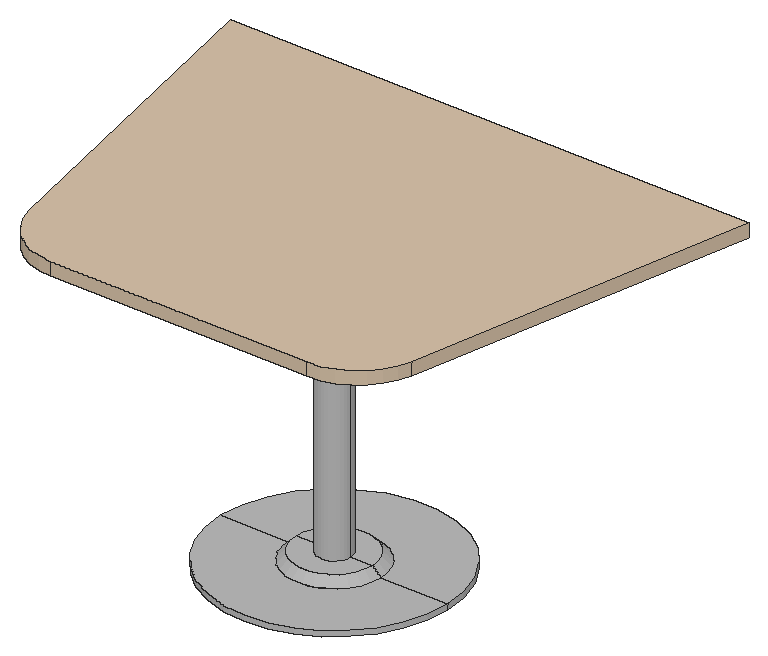
Revit family "Haworth_Compose_Worksurface_Key", category Furniture Systems, Revit 2018
Family settings
  Round Connector Dimension = Use Diameter
  Part Type = Normal
  OmniClass Number = 23.40.70.14.64.21
  OmniClass Title = Systems Furniture
  Work Plane-Based = No
  Always vertical = Yes
  Cut with Voids When Loaded = No
  Shared = No
  Room Calculation Point = No
Parameters (values of type "48w 36d")
  Worksurface Finish = Haworth _ Laminate _ Maple H-AE
  Worksurface Edge Finish = Haworth _ Laminate _ Maple H-AE
  Width = 48"
  Warranty = "http://www.haworth.com/resources/product-info/warranties"
  URL - Product = "http://www.haworth.com/products/workspaces/panel-based/compose"
  URL = "www.haworth.com"
  Sustainability Info = "http://media.haworth.com/asset/2999/Compose%20PEDS.pdf"
  Support Finish = Haworth _ Paint _ Metallic Champagne
  Support Column = no
  Model = "WURY"  # constant formula
  Min. Height = 22"  # constant formula
  Max. Height = 42"  # constant formula
  Leg Height = Actual Height - Table Thickness  # 27 13/16"
  Disc Base Support = yes
  Disc Base Radius = if(Actual Depth > 36", 13 1/2", 10 1/2")  # 10 1/2"
  Description = "Haworth Worksurface - Compose Key"  # constant formula
  Depth = 36"
  Size = "Verify Final Dim. w/ Haworth"  # constant formula
  Revision Number = "5"  # constant formula
  Min/Max Width = if(Actual Depth = 30", "36, 48 in.", if(Actual Depth = 36", "48, 60, 72 in.", "60, 72 in."))  # "48, 60, 72 in."
  Min/Max Depth = "30, 36, 42, 48 in."  # constant formula
  Min. Width = 36"  # constant formula
  Max. Width = 72"  # constant formula
  Min. Depth = 30"  # constant formula
  Max. Depth = 48"  # constant formula
  Manufacturer = "Haworth"  # constant formula
  Height = 29"
  Flip-top Location = 4"  # constant formula
  Custom Size = not(and(and(not(Height > 32"), not(Height < 26")), or(Width = 36", Width = 48", Width = 60", Width = 72"), or(Depth = 30", Depth = 36", Depth = 42", Depth = 48")))  # no
  Author = "SHAPE Environments, LLC"  # constant formula
  Assembly Code = "E2020200"
  Actual Width = if(Width > Max. Width, Max. Width, if(Width < Min. Width, Min. Width, if(Width < Depth, Depth, Width)))  # 48"
  Actual Height = if(Height > Max. Height, Max. Height, if(Height < Min. Height, Min. Height, Height))  # 29"
  Actual Depth = if(Depth > Max. Depth, Max. Depth, if(Depth < Min. Depth, Min. Depth, Depth))  # 36"
  Min/Max Height = "26-32 in."  # constant formula
  Table Thickness = 1 3/16"  # constant formula
Reference planes (in)
  plane 1 "Center F/B": y = 5.5
  plane 2: z = 0
  plane 3 "Center L/R": x = 0
  plane 4 "Table Bottom": z = 27.8125
  plane 5 "Table Top": z = 29
  plane 6 "Flip Top Location": y = 19.5
  plane 7 "Back": y = 23.5
  plane 8 "Right": x = 24
  plane 9 "Left": x = -24
  plane 10 "Front": y = -12.5
Lines and regions (in)
  Masking region 1
    outline origin (0, 0, 0) x (1, 0, 0) y (0, 1, 0)
      loop
        line (24, 23.5) -> (-24, 23.5) -> (-17.76466, -7.6767)
        arc (-17.76466, -7.6767) -> (-15.68511, -11.14005) -> (-11.88118, -12.5) r 6
        line (-11.88118, -12.5) -> (11.88118, -12.5)
        arc (11.88118, -12.5) -> (15.68511, -11.14005) -> (17.76466, -7.6767) r 6
        line (17.76466, -7.6767) -> (24, 23.5)
  symbolic lines, style "Haworth Hidden", visible <- "Disc Base Support", detail levels fine
    curve 1: circle (0, 5.5, 0) r 10.44248 normal (0, 0, 1)
    curve 2: circle (0, 5.5, 0) r 1.5 normal (0, 0, 1)
  symbolic lines, style "Haworth Hidden", visible <- "Support Column", detail levels fine
    curve 3: circle (0, 5.5, 0) r 1.5 normal (0, 0, 1)
Dimensions and locks (in)
  "Table Thickness": plane 5 "Table Top" to plane 4 "Table Bottom"
  "Actual Height": plane 5 "Table Top" to plane 2
  "Flip-top Location": plane 6 "Flip Top Location" to plane 7 "Back"
  equal spacing: plane 10 "Front", plane 1 "Center F/B", plane 7 "Back"
  "Actual Depth": plane 7 "Back" to plane 10 "Front"
  equal spacing: plane 9 "Left", plane 3 "Center L/R", plane 8 "Right"
  "Actual Width": plane 9 "Left" to plane 8 "Right"
  aligned and locked: plane 1 "Center F/B" to nested 1
  aligned and locked: plane 5 "Table Top" to nested 1
  aligned and locked: nested 1 to plane 4 "Table Bottom"
  aligned and locked: plane 1 "Center F/B" to nested 2
  aligned and locked: plane 3 "Center L/R" to nested 2
  aligned and locked: Masking region 1 sketch curve to nested 1  (x4)
Automatic sketch dimensions
  plane 10 "Front" to Masking region 1 sketch curve = 4.8233"  (x2)
  Masking region 1 sketch curve to plane 8 "Right" = 0"
  curve 1 to curve 2 = 0"  (x2)
  curve 1 to curve 3 = 0"  (x2)
  curve 2 to curve 3 = 0"  (x2)
  plane 1 "Center F/B" to curve 2 = 0"
  curve 2 to plane 3 "Center L/R" = 0"
  radius of curve 1 = 10.44248"
  radius of curve 2 = 1 1/2"
  radius of curve 3 = 1 1/2"
Nested families (in)
  nested 1: "Haworth_Worksurface-Key" at (0, 5.5, 0), type "Table"
    with Table Top Thickness 1 3/16", Actual Height 29"
  nested 2: "Haworth_Worksurface-Supports-Round" at (0, 0, 0), type "Base"
    with Support Column no
Definition of nested family "Haworth_Worksurface-Key"
  Parameters
    Warranty = ""
    URL - Product = ""
    URL = "www.haworth.com"
    Table Top Thickness = 1 1/2"
    Table Finish = none
    Table Edge Finish = none
    Sustainability Info = ""
    Size = "Verify Final Dim. w/ Haworth"  # constant formula
    Revision Number = ""
    OmniClass Number = ""
    Material Options = ""
    Manufacturer = "Haworth"  # constant formula
    LEED Data = ""
    Author = "SHAPE Environments, LLC"  # constant formula
    Assembly Code = ""
    Actual Width = 48"
    Actual Height = 30"
    Actual Depth = 36"
  Reference planes (in)
    plane 1 "Center F/B": y = 0
    plane 2: z = 0
    plane 3 "Center L/R": x = 0
    plane 4 "Table Front": y = 18
    plane 5 "Table Right": x = 24
    plane 6 "Table Left": x = -24
    plane 7 "Table Back": y = -18
    plane 8 "Table Top": z = 30
    plane 9 "Table Bottom": z = 28.5
  Forms (in)
    Extrusion 1, solid, material <- "Table Finish"
      sketch origin (0, 0, 0) x (0, 1, 0) y (-1, 0, 0)
        loop
          line (18, 24) -> (-13.1767, 17.76466)
          arc (-13.1767, 17.76466) -> (-16.64005, 15.68511) -> (-18, 11.88118) r 6
          line (-18, 11.88118) -> (-18, -11.88118)
          arc (-18, -11.88118) -> (-16.64005, -15.68511) -> (-13.1767, -17.76466) r 6
          line (-13.1767, -17.76466) -> (18, -24) -> (18, 24)
      from 28.5 to 30
  Dimensions and locks (in)
    "Actual Depth": plane 7 "Table Back" to plane 4 "Table Front"
    "Actual Width": plane 6 "Table Left" to plane 5 "Table Right"
    equal spacing: plane 6 "Table Left", plane 3 "Center L/R", plane 5 "Table Right"
    equal spacing: plane 4 "Table Front", plane 1 "Center F/B", plane 7 "Table Back"
    "Table Top Thickness": plane 8 "Table Top" to plane 9 "Table Bottom"
    "Actual Height": plane 8 "Table Top" to level
    angle Extrusion 1 sketch curve to plane 4 "Table Front" = 78.6901°
    angle plane 4 "Table Front" to Extrusion 1 sketch curve = 78.6901°
    aligned: Extrusion 1 to plane 5 "Table Right"
    aligned and locked: plane 8 "Table Top" to Extrusion 1
    aligned and locked: Extrusion 1 to plane 9 "Table Bottom"
    aligned: plane 7 "Table Back" to Extrusion 1
    aligned: plane 4 "Table Front" to Extrusion 1
    aligned and locked: Extrusion 1 to plane 8 "Table Top"
    aligned and locked: plane 9 "Table Bottom" to Extrusion 1
  Automatic sketch dimensions
    plane 7 "Table Back" to Extrusion 1 sketch curve = 0"
    Extrusion 1 sketch curve to plane 4 "Table Front" = 0"
    Extrusion 1 sketch curve to plane 5 "Table Right" = 0"
    Extrusion 1 sketch curve to plane 6 "Table Left" = 0"
    Extrusion 1 sketch curve to plane 7 "Table Back" = 4.8233"  (x2)
    Extrusion 1 sketch curve to plane 7 "Table Back" = 6"  (x2)
Definition of nested family "Haworth_Worksurface-Supports-Round"
  Parameters
    Warranty = ""
    URL - Product = ""
    URL = "www.haworth.com"
    Support Column = yes
    Leg Height = 27 13/16"
    Disc Radius = 10 1/2"
    Disc Base = yes
    Base Finish = none
    Sustainability Info = ""
    Size = "Verify Final Dim. w/ Haworth"  # constant formula
    Revision Number = ""
    OmniClass Number = ""
    Material Options = ""
    Manufacturer = "Haworth"  # constant formula
    LEED Data = ""
    Author = "SHAPE Environments, LLC"  # constant formula
    Assembly Code = ""
  Reference planes (in)
    plane 1 "Center F/B": y = 5.5
    plane 2: z = 0
    plane 3 "Center L/R": x = 0
    plane 4 "Table Bottom": z = 27.8125
  Forms (in)
    Revolve 1, solid, material <- "Base Finish", visible <- "Disc Base"
      sketch origin (0, 5.5, 0) x (1, 0, 0) y (0, 0, 1)
        loop
          line (0, 27.8125) -> (-1.5, 27.8125) -> (-1.5, 1.25) -> (-3.53244, 1.25) -> (-4.28244, 0.5) -> (-10.5, 0.5) -> (-10.5, 0) -> (0, 0) -> (0, 27.8125)
        axis (0, 27.8125) -> (0, 0)
      angle from 0 to 360
    Revolve 2, solid, material <- "Base Finish", visible <- "Support Column"
      sketch origin (0, 5.5, 0) x (1, 0, 0) y (0, 0, 1)
        loop
          line (0, 27.8125) -> (-1.5, 27.8125) -> (-1.5, 0) -> (0, 0) -> (0, 27.8125)
        axis (0, 27.8125) -> (0, 0)
      angle from 0 to 360
  Dimensions and locks (in)
    "Disc Radius": plane 3 "Center L/R" to Revolve 1 sketch curve
    "Leg Height": plane 4 "Table Bottom" to level
    plane 3 "Center L/R" to Revolve 1 sketch curve = 1 1/2"
    locked: plane 3 "Center L/R" to Revolve 2 sketch curve at 1.5
    aligned and locked: Revolve 1 to plane 4 "Table Bottom"  (x2)
  Automatic sketch dimensions
    Revolve 1 sketch curve to level = 0"
    Revolve 1 sketch curve to plane 4 "Table Bottom" = 0"
    Revolve 1 sketch curve to plane 3 "Center L/R" = 0"  (x2)
    Revolve 1 sketch curve to Revolve 1 sketch curve = 2.03244"
    level to Revolve 1 sketch curve = 1/2"
    Revolve 1 sketch curve to Revolve 1 sketch curve = 3/4"
    Revolve 1 sketch curve to Revolve 1 sketch curve = 6.24462"
    level to Revolve 1 sketch curve = 1 1/4"
    Revolve 1 sketch curve to Revolve 1 sketch curve = 7.21204"
    Revolve 2 sketch curve to plane 4 "Table Bottom" = 0"
    Revolve 2 sketch curve to plane 3 "Center L/R" = 0"  (x2)
    Revolve 2 sketch curve to Revolve 2 sketch curve = 6.24462"
    Revolve 2 sketch curve to Revolve 2 sketch curve = 7.21204"
    Revolve 2 sketch curve to level = 0"
Types in the file's own list only (7): name | Width | Disc Base Radius | Depth | Min/Max Width | Actual Width | Actual Depth
  48w 30d | 48" | 10 1/2" | 30" | "36, 48 in." | 48" | 30"
  36w 30d | 36" | 10 1/2" | 30" | "36, 48 in." | 36" | 30"
  36w 36d | 36" | 10 1/2" | 36" | "48, 60, 72 in." | 36" | 36"
  48w 42d | 48" | 13 1/2" | 42" | "60, 72 in." | 48" | 42"
  36w 42d | 36" | 13 1/2" | 42" | "60, 72 in." | 42" | 42"
  48w 48d | 48" | 13 1/2" | 48" | "60, 72 in." | 48" | 48"
  36w 48d | 36" | 13 1/2" | 48" | "60, 72 in." | 48" | 48"
